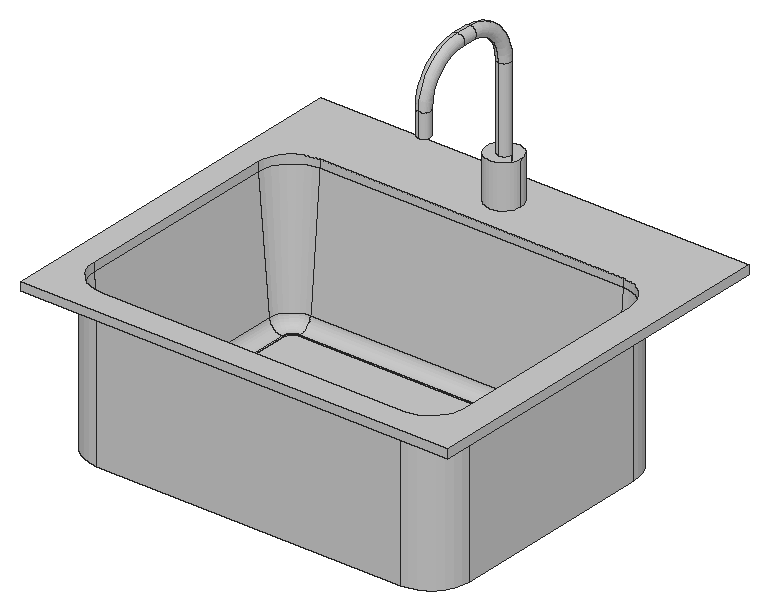
Revit family "KitchenSingleSink_Moen 22130", category Plumbing Fixtures, Revit 2019
Family settings
  Round Connector Dimension = Use Diameter
  Part Type = Normal
  OmniClass Number = 23.45.05.14.14
  OmniClass Title = Sinks/Lavatories
  Work Plane-Based = No
  Always vertical = Yes
  Cut with Voids When Loaded = No
  Shared = Yes
  Room Calculation Point = No
Parameters (values of type "Moen 22130")
  Sink Depth = 0' - 8 1/2"
  Keynote = "301"
  Assembly Code = "D2010410"
  Counter Height = 3' - 0"
  Depth = 1' - 10"
  Faucet Material = Metal - Steel, Polished
  Sink Material = Metal - Steel, Polished
  Width = 2' - 1"
  ADA 2 [instance] = yes
  ADA 1 [instance] = yes
Reference planes (in)
  plane 1 "Center (Front/Back)": y = -1.40766
  plane 2: z = 0
  plane 3 "Center (Left/Right)": x = 0.61769
  plane 4: y = 11.09234
  plane 5: y = -10.90766
  plane 6: x = -11.88231
  plane 7: x = 13.11769
  plane 8 "Top Of Counter": z = 36
  plane 9: z = 36.5
  plane 10: z = 27.5
  plane 11: y = 6.59234
  plane 12: x = -10.38231
  plane 13: y = -9.40766
  plane 14: x = 11.61769
  plane 15: x = 0.61769
  plane 16: y = 8.84234
  plane 17: y = 8.84234
  plane 18: y = 8.84234
  plane 19: z = 46.375
  plane 20: y = 2.96734
  plane 21: z = 39
  plane 22: z = 37.5
  plane 23: x = -0.13231
  plane 24: x = 1.36769
  plane 25: x = -4.88231
  plane 26: x = 6.11769
  plane 27: z = 27.875
  plane 28: z = 108
Forms (in)
  Extrusion 1, solid, material "Metal - Steel, Polished" <- "Sink Material"
    sketch origin (0, 0, 0) x (1, 0, 0) y (0, 1, 0)
      loop
        line (-11.88231, 11.09234) -> (-11.88231, -10.90766) -> (13.11769, -10.90766) -> (13.11769, 11.09234) -> (-11.88231, 11.09234)
      loop
        arc (-8.38231, 6.59234) -> (-9.79653, 6.00655) -> (-10.38231, 4.59234) r 2
        line (-10.38231, 4.59234) -> (-10.38231, -7.40766)
        arc (-10.38231, -7.40766) -> (-9.79653, -8.82187) -> (-8.38231, -9.40766) r 2
        line (-8.38231, -9.40766) -> (9.36769, -9.40766)
        arc (9.36769, -9.40766) -> (10.7819, -8.82187) -> (11.36769, -7.40766) r 2
        line (11.36769, -7.40766) -> (11.36769, 4.59234)
        arc (11.36769, 4.59234) -> (10.7819, 6.00655) -> (9.36769, 6.59234) r 2
        line (9.36769, 6.59234) -> (-8.38231, 6.59234)
    from 36 to 36.5
  Sweep 2, solid, material "Metal - Steel, Polished" <- "Sink Material"
    path origin (0, 0, 0) x (1, 0, 0) y (0, 1, 0)
      loop
        arc (-8.38231, 6.59234) -> (-9.79653, 6.00655) -> (-10.38231, 4.59234) r 2
        line (-10.38231, 4.59234) -> (-10.38231, -7.40766)
        arc (-10.38231, -7.40766) -> (-9.79653, -8.82187) -> (-8.38231, -9.40766) r 2
        line (-8.38231, -9.40766) -> (9.36769, -9.40766)
        arc (9.36769, -9.40766) -> (10.7819, -8.82187) -> (11.36769, -7.40766) r 2
        line (11.36769, -7.40766) -> (11.36769, 4.59234)
        arc (11.36769, 4.59234) -> (10.7819, 6.00655) -> (9.36769, 6.59234) r 2
        line (9.36769, 6.59234) -> (-8.38231, 6.59234)
    profile origin (0.49269, 0, 0) x (0, 1, 0) y (0, 0, 1)
      loop
        line (6.59234, 36) -> (5.94139, 28.55963)
        arc (5.94139, 28.55963) -> (5.70094, 28.07204) -> (5.19424, 27.875) r 0.75
        line (5.19424, 27.875) -> (5.09234, 27.875) -> (5.09234, 27.5) -> (6.84234, 27.5) -> (6.84234, 36) -> (6.59234, 36)
  Extrusion 3, solid, material "Metal - Steel, Polished" <- "Sink Material"
    sketch origin (0, 0, 0) x (1, 0, 0) y (0, 1, 0)
      loop
        arc (-8.38231, 5.09234) -> (-8.73587, 4.94589) -> (-8.88231, 4.59234) r 0.5
        line (-8.88231, 4.59234) -> (-8.88231, -7.40766)
        arc (-8.88231, -7.40766) -> (-8.73587, -7.76121) -> (-8.38231, -7.90766) r 0.5
        line (-8.38231, -7.90766) -> (9.36769, -7.90766)
        arc (9.36769, -7.90766) -> (9.72124, -7.76121) -> (9.86769, -7.40766) r 0.5
        line (9.86769, -7.40766) -> (9.86769, 4.59234)
        arc (9.86769, 4.59234) -> (9.72124, 4.94589) -> (9.36769, 5.09234) r 0.5
        line (9.36769, 5.09234) -> (-8.38231, 5.09234)
      loop
        circle (-6.15017, 1.31126) r 1
    from 27.5 to 27.875
  Extrusion 4, solid, material "Metal - Steel, Polished" <- "Faucet Material"
    sketch origin (0, 0, 0) x (1, 0, 0) y (0, 1, 0)
      loop
        circle (0.61769, 8.84234) r 1
    from 36.5 to 39
  Sweep 5, solid, material "Metal - Steel, Polished" <- "Faucet Material"
    path origin (0.61769, 0, 0) x (0, 1, 0) y (0, 0, 1)
      loop
        line (8.84234, 36.5) -> (8.84234, 43.875)
        arc (8.84234, 43.875) -> (8.11011, 45.64277) -> (6.34234, 46.375) r 2.5
        line (6.34234, 46.375) -> (5.46734, 46.375)
        arc (5.46734, 46.375) -> (3.69957, 45.64277) -> (2.96734, 43.875) r 2.5
        line (2.96734, 43.875) -> (2.96734, 42.5)
    profile origin (0.61769, 0, 40.1875) x (0, -1, 0) y (1, 0, 0)
      loop
        circle (-8.84234, 0) r 0.375
  Extrusion 6, solid, material "Metal - Steel, Polished" <- "Faucet Material"
    sketch origin (0, 0, 0) x (1, 0, 0) y (0, 1, 0)
      loop
        circle (0.61769, 8.84234) r 0.5
    from 36.5 to 37.5
Cuts and joins
  joined: Extrusion 1, Sweep 2
  joined: Sweep 5, Extrusion 6
Lines and regions (in)
  Masking region 1
    outline origin (0, 0, 36) x (0, -1, 0) y (1, 0, 0)
      loop
        line (-11.09234, -11.88231) -> (10.90766, -11.88231) -> (10.90766, 13.11769) -> (-11.09234, 13.11769) -> (-11.09234, -11.88231)
  symbolic lines
    curve 1: line (-10.38231, 4.59234, 36) -> (-10.38231, -7.40766, 36)
    curve 2: line (-8.38231, -9.40766, 36) -> (9.36769, -9.40766, 36)
    curve 3: arc (-10.38231, -7.40766, 36) -> (-9.79653, -8.82187, 36) -> (-8.38231, -9.40766, 36) r 2
    curve 4: arc (-8.38231, 6.59234, 36) -> (-9.79653, 6.00655, 36) -> (-10.38231, 4.59234, 36) r 2
    curve 5: arc (1.11769, 8.84234, 36) -> (0.61769, 9.34234, 36) -> (0.11769, 8.84234, 36) r 0.5
    curve 6: line (0.11769, 8.84234, 36) -> (0.11769, 0.59234, 36)
    curve 7: line (1.11769, 8.84234, 36) -> (1.11769, 0.59234, 36)
    curve 8: arc (1.11769, 0.59234, 36) -> (0.61769, 0.09234, 36) -> (0.11769, 0.59234, 36) r 0.5
    curve 9: line (9.36769, 6.59234, 36) -> (-8.38231, 6.59234, 36)
    curve 10: arc (-7.15017, 1.31126, 36) -> (-6.15017, 2.31126, 36) -> (-5.15017, 1.31126, 36) r 1
    curve 11: arc (-5.15017, 1.31126, 36) -> (-6.15017, 0.31126, 36) -> (-7.15017, 1.31126, 36) r 1
    curve 12: arc (-0.38231, 8.84234, 36) -> (0.61769, 7.84234, 36) -> (1.61769, 8.84234, 36) r 1
    curve 13: arc (1.61769, 8.84234, 36) -> (0.61769, 9.84234, 36) -> (-0.38231, 8.84234, 36) r 1
    curve 15: line (11.36769, 4.59234, 36) -> (11.36769, -7.40766, 36)
    curve 16: arc (11.36769, -7.40766, 36) -> (10.7819, -8.82187, 36) -> (9.36769, -9.40766, 36) r 2
    curve 17: arc (9.36769, 6.59234, 36) -> (10.7819, 6.00655, 36) -> (11.36769, 4.59234, 36) r 2
  symbolic lines, style "InvisibleLines"
    curve 14: line (0.61769, -1.40766, 108) -> (0.61769, -1.40766, 0)
Dimensions and locks (in)
  equal spacing: plane 6, plane 3 "Center (Left/Right)", plane 7
  "Width": plane 6 to plane 7
  "Depth": plane 5 to plane 4
  "Counter Height": plane 8 "Top Of Counter" to plane 2
  locked: plane 9 to plane 8 "Top Of Counter" at 0.5
  "Sink Depth": plane 8 "Top Of Counter" to plane 10
  locked: plane 6 to plane 12 at 1.5
  locked: plane 14 to plane 7 at 1.5
  locked: plane 11 to plane 4 at 4.5
  locked: plane 5 to plane 13 at 1.5
  equal spacing: plane 11, plane 16, plane 4
  equal spacing: plane 11, plane 17, plane 4
  equal spacing: plane 4, plane 18, plane 11
  locked: plane 18 to plane 20 at 5.875
  locked: plane 19 to plane 9 at 9.875
  locked: plane 21 to plane 9 at 2.5
  locked: plane 22 to plane 9 at 1
  plane 23 to plane 3 "Center (Left/Right)" to plane 24 = 0' - 0 3/4" locked, 0' - 0 3/4" locked
  equal spacing: plane 12, plane 25, plane 3 "Center (Left/Right)"
  equal spacing: plane 3 "Center (Left/Right)", plane 26, plane 14
  equal spacing: plane 13, plane 1 "Center (Front/Back)", plane 11
  locked: plane 27 to plane 10 at 0.375
  locked: nested 1 to plane 5 at 1
  cut or joined group of Extrusion 1, Sweep 2 to cut or joined group of Extrusion 1, Sweep 2 = 1' - 10"
  aligned and locked: Extrusion 1 sketch curve to plane 5
  aligned and locked: plane 7 to Extrusion 1 sketch curve
  aligned and locked: plane 4 to Extrusion 1 sketch curve
  aligned and locked: Extrusion 1 sketch curve to plane 6
  aligned and locked: plane 8 "Top Of Counter" to Extrusion 1
  aligned and locked: Extrusion 1 to plane 9
  aligned and locked: plane 11 to Extrusion 1 sketch curve
  aligned and locked: Extrusion 1 sketch curve to plane 12
  aligned and locked: plane 11 to Sweep 2 sketch curve
  aligned and locked: Sweep 2 sketch curve to plane 12
  aligned and locked: Sweep 2 sketch curve to plane 13
  aligned and locked: Sweep 2 to Extrusion 3 sketch curve  (x3)
  aligned and locked: plane 10 to Extrusion 3
  aligned and locked: Sweep 2 sketch curve to plane 10
  aligned and locked: plane 8 "Top Of Counter" to Sweep 2 sketch curve
  aligned and locked: Extrusion 4 to Extrusion 1
  aligned and locked: Extrusion 6 to Extrusion 1
  aligned and locked: Sweep 5 sketch curve to plane 18
  aligned and locked: plane 19 to Sweep 5 sketch curve
  aligned and locked: plane 20 to Sweep 5 sketch curve
  aligned and locked: Extrusion 4 to plane 21
  aligned and locked: Extrusion 6 to plane 22
  aligned and locked: plane 4 to Masking region 1 sketch curve
  aligned and locked: plane 7 to Masking region 1 sketch curve
  aligned and locked: Masking region 1 sketch curve to plane 5
  aligned and locked: Masking region 1 sketch curve to plane 6
  aligned and locked: plane 15 to Extrusion 4 sketch curve
  aligned and locked: plane 16 to Extrusion 4 sketch curve
  aligned and locked: Extrusion 3 to plane 27
  aligned and locked: nested 1 to plane 3 "Center (Left/Right)"
  aligned and locked: nested 2 to plane 3 "Center (Left/Right)"
  aligned and locked: nested 2 to plane 5
  aligned and locked: curve 14 to plane 3 "Center (Left/Right)"
Automatic sketch dimensions
  plane 15 to Extrusion 4 sketch curve = 0' - 1"
  Extrusion 6 sketch curve to plane 17 = 0' - 0"
  plane 3 "Center (Left/Right)" to Extrusion 6 sketch curve = 0' - 0"
  Extrusion 6 sketch curve to plane 3 "Center (Left/Right)" = 0' - 0 1/2"
  Extrusion 1 sketch curve to plane 13 = 0' - 0"
  Extrusion 1 sketch curve to plane 23 = 0' - 11 1/2"
  Extrusion 1 sketch curve to plane 12 = 0' - 2"  (x2)
  plane 3 "Center (Left/Right)" to Extrusion 1 sketch curve = 0' - 8 3/4"  (x2)
  curve 14 to level = 0' - 0"
  curve 14 to plane 28 = 0' - 0"
  plane 14 to Sweep 2 sketch curve = 0' - 0 1/4"
  Sweep 2 sketch curve to plane 12 = 0' - 2"
  Sweep 2 sketch curve to Sweep 2 sketch curve = 0' - 2"  (x2)
  plane 14 to Sweep 2 sketch curve = 0' - 2 1/4"
  Sweep 2 sketch curve to profile plane = 0' - 0"
  profile plane to Sweep 2 sketch curve = 0' - 0.65095"
  Sweep 2 sketch curve to Sweep 2 sketch curve = 0' - 0.74715"
  Sweep 2 sketch curve to Sweep 2 sketch curve = 0' - 0.10191"
  Sweep 2 sketch curve to Sweep 2 sketch curve = 0' - 0 1/4"
  Sweep 2 sketch curve to Sweep 2 sketch curve = 0' - 0 3/8"
  Sweep 2 sketch curve to Sweep 2 sketch curve = 0' - 0.68463"
  Extrusion 3 sketch curve to Extrusion 3 sketch curve = 0' - 0"  (x2)
  Extrusion 3 sketch curve to plane 1 "Center (Front/Back)" = 0' - 2.71892"
  plane 25 to Extrusion 3 sketch curve = 0' - 1.26785"
  Extrusion 3 sketch curve to Extrusion 3 sketch curve = 0' - 0 1/2"  (x3)
  plane 3 "Center (Left/Right)" to Extrusion 3 sketch curve = 0' - 8 3/4"  (x2)
  plane 25 to Extrusion 3 sketch curve = 0' - 2.26785"
  plane 9 to Sweep 5 sketch curve = 0' - 0"
  plane 11 to Sweep 5 sketch curve = 0' - 1 1/8"
  plane 11 to Sweep 5 sketch curve = 0' - 0 1/4"
  Sweep 5 sketch curve to Sweep 5 sketch curve = 0' - 1 3/8"
  Sweep 5 sketch curve to Sweep 5 sketch curve = 0' - 0"  (x2)
  profile plane to Sweep 5 sketch curve = 0' - 0"
  plane 3 "Center (Left/Right)" to Sweep 5 sketch curve = 0' - 0"
  profile plane to Sweep 5 sketch curve = 0' - 0 3/8"
  plane 11 to curve 9 = 0' - 0"
  plane 14 to curve 15 = 0' - 0 1/4"
  curve 4 to plane 12 = 0' - 0"
  plane 13 to curve 2 = 0' - 0"
  plane 4 to curve 6 = 0' - 2 1/4"
  plane 11 to curve 15 = 0' - 2"
  curve 4 to curve 4 = 0' - 2"
  curve 7 to plane 1 "Center (Front/Back)" = 0' - 2"
  curve 3 to curve 2 = 0' - 2"
  curve 15 to plane 13 = 0' - 2"
  plane 7 to curve 6 = 1' - 1"
  curve 6 to curve 8 = 0' - 0 1/2"
  curve 13 to plane 3 "Center (Left/Right)" = 0' - 0"
  plane 4 to curve 13 = 0' - 2 1/4"
  curve 13 to plane 3 "Center (Left/Right)" = 0' - 1"
  curve 10 to curve 11 = 0' - 0"  (x2)
  plane 25 to curve 10 = 0' - 1.26785"
  curve 10 to plane 1 "Center (Front/Back)" = 0' - 2.71892"
  curve 11 to curve 10 = 0' - 1"
Nested families (in)
  nested 1: "ADA_3048" at (0.61769, -35.90766, 0), visible <- "ADA 2", type "ADA_3048"
  nested 2: "ADA_3048" at (0.61769, -25.90766, 0) x (0, 1, 0) z (0, 0, 1), visible <- "ADA 1", type "ADA_3048"
Definition of nested family "ADA_3048"
  Parameters (values of type "ADA_3048")
    Assembly Code = ""
  Reference planes (in)
    plane 1 "Center (Front/Back)": y = 0
    plane 2: z = 0
    plane 3 "Center (Left/Right)": x = 0
  Lines and regions (in)
    model lines
      curve 1: line (15, 24, 0) -> (-15, 24, 0)
      curve 2: line (-15, 24, 0) -> (-15, -24, 0)
      curve 3: line (-15, -24, 0) -> (15, -24, 0)
      curve 4: line (15, -24, 0) -> (15, 24, 0)
  Dimensions and locks (in)
    curve 2 to curve 4 = 2' - 6"
    curve 3 to curve 1 = 4' - 0"
